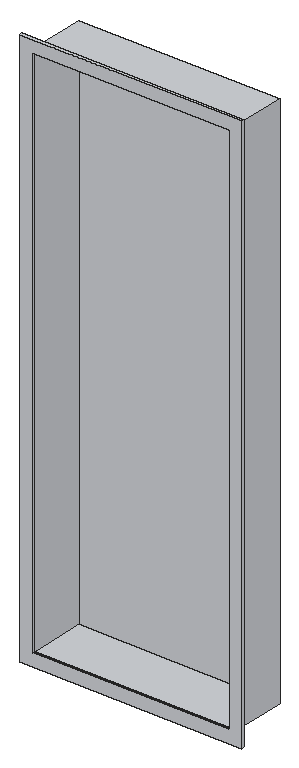
Revit family "Hager-Volta-IP30-Hollow_wall-leer-NoHosted-CH-de", category Electrical Equipment, Revit 2020
Family settings
  Panel Configuration = Two Columns, Circuits Across
  Round Connector Dimension = Use Diameter
  Part Type = Panelboard
  Work Plane-Based = Yes
  Always vertical = Yes
  Cut with Voids When Loaded = No
  Shared = No
  Room Calculation Point = No
Parameters (values of type "Unterputz  B330 H880 T94.5 12 Teilungseinheiten - VH60NK")
  Width Control [instance] = if([HG000006 - Unterputz], if([EF000846 - Einbaubreite] > min_whd, [EF000846 - Einbaubreite], min_whd), if([EF000008 - Breite] > min_whd, ([EF000008 - Breite]), min_whd))  # 314 mm
  Void Depth [instance] = if([EF000218 - Einbautiefe] > 1 mm, [EF000218 - Einbautiefe], 1 mm)  # 90 mm
  Type Comments = [HG000003 - Bereich]  # "Volta"
  System Height [instance] = Height Control - 2 * [HG000005 - Dicke]  # 840 mm
  Panel Name [instance] = ""  # (empty or 0)
  Offset [instance] = 0 mm
  Model = [HG000004 - Herstellerreferenz]  # "VH60NK"
  Level Offset [instance] = [Flush Mounted - Door Frame Width] + Offset  # 34 mm
  HG000017 - Distanz zwischen den Polen = 18 mm
  HG000016 - 3D-Türsichtbarkeit [instance] = yes
  HG000015 - Sichtbarkeit der Türöffnung [instance] = no
  HG000014 - Tür rechts [instance] = yes
  HG000013 - Tür links [instance] = not([HG000014 - Tür rechts])  # no
  HG000012 - Türschwenkwinkel [instance] = 45.00°
  HG000011 - Leere Reihen von unten = no
  HG000010 - Asymmetrische Türen = no
  HG000009 - Doppelflügeligen Tür = no
  HG000008 - Anzahl der leeren Reihen = 0
  HG000007 - Anzahl der leeren Spalten = 0
  HG000006 - Unterputz = yes
  HG000005 - Dicke = 3 mm  # constant formula
  HG000004 - Herstellerreferenz = "VH60NK"
  HG000003 - Bereich = "Volta"
  HG000002 - Mit tür = no
  HG000001 - Anzahl der Spalten = 0
  EF015941 - Signaldurchlassende Tür = no
  EF015777 - Neutralleiterklemmenblock = no
  EF015776 - Erdungsklemmenblock = no
  EF009212 - Ausführung Deckel = "EV000116 - geschlossen"
  EF006306 - Mit Schloss = no
  EF006244 - Transparenter Deckel/Tür = no
  EF005474 - Schutzart (IP) = ""
  EF004462 - Art der Schließung = ""
  EF002950 - Breite in Teilungseinheiten = 12
  EF001596 - Werkstoff des Gehäuses = "EV000139 - Kunststoff"
  EF001134 - DIN-Schiene = no
  EF001131 - Innentiefe = 92 mm
  EF001088 - Anbaumöglichkeit = yes
  EF001062 - EMV-Ausführung = yes
  EF000846 - Einbaubreite = 314 mm
  EF000339 - Art der Abdeckung = ""
  EF000332 - Einbauhöhe = 846 mm
  EF000266 - Anzahl der Reihen = 5
  EF000218 - Einbautiefe = 90 mm
  EF000118 - Mit Montageplatte = no
  EF000116 - RAL-Nummer = "9010"
  EF000049 - Tiefe = 94 mm
  EF000040 - Höhe = 880 mm
  EF000008 - Breite = 330 mm
  EF000007 - Farbe = "EV000202 - weiß"
  EF000003 - Montageart = "EV000128 - Hohlwand"
  Description = ""
  Default Elevation = 1219.2 mm
  Arrow Offset [instance] = Depth Control / 8  # 11.25 mm
  Arrow Height [instance] = Depth Control - Arrow Offset  # 78.75 mm
  Host Offset [instance] = if([HG000006 - Unterputz], 0 mm, [EF000049 - Tiefe])  # 0 mm
  min_whd [instance] = (2 * [HG000005 - Dicke]) + 1 mm  # 7 mm
  Manufacturer = "Hager"  # constant formula
  Height Control [instance] = if([HG000006 - Unterputz], if([EF000332 - Einbauhöhe] > min_whd, [EF000332 - Einbauhöhe], min_whd), if([EF000040 - Höhe] > min_whd, ([EF000040 - Höhe]), min_whd))  # 846 mm
  Flush Mounted - Door Frame Width [instance] = if(([EF000040 - Höhe] - [EF000332 - Einbauhöhe]) > 0 mm, if([HG000006 - Unterputz], [EF000040 - Höhe] - [EF000332 - Einbauhöhe], 0 mm), 0 mm)  # 34 mm
  Depth Control [instance] = if([HG000006 - Unterputz], if([EF000218 - Einbautiefe] > 0 mm, [EF000218 - Einbautiefe], 1 mm), if([EF000049 - Tiefe] > 0 mm, ([EF000049 - Tiefe]), 1 mm))  # 90 mm
Types (5, lengths in mm): name | System Height | Model | Level Offset | HG000004 - Herstellerreferenz | EF000332 - Einbauhöhe | EF000266 - Anzahl der Reihen | EF000040 - Höhe | Height Control | Flush Mounted - Door Frame Width
  Unterputz  B330 H355 T94.5 12 Teilungseinheiten - VH12NK | 340 | "VH12NK" | 9 | "VH12NK" | 346 | 1 | 355 | 346 | 9
  Unterputz  B330 H484 T94.5 12 Teilungseinheiten - VH24NK | 465 | "VH24NK" | 13 | "VH24NK" | 471 | 2 | 484 | 471 | 13
  Unterputz  B330 H609 T94.5 12 Teilungseinheiten - VH36NK | 590 | "VH36NK" | 13 | "VH36NK" | 596 | 3 | 609 | 596 | 13
  Unterputz  B330 H734 T94.5 12 Teilungseinheiten - VH48NK | 715 | "VH48NK" | 13 | "VH48NK" | 721 | 4 | 734 | 721 | 13
  Unterputz  B330 H880 T94.5 12 Teilungseinheiten - VH60NK | 840 | "VH60NK" | 34 | "VH60NK" | 846 | 5 | 880 | 846 | 34
Reference planes
  plane 1 "Center (Front/Back)": y = 0
  plane 2: z = 0
  plane 3 "Center (Left/Right)": x = 0
  plane 4: y = 37
  plane 5: y = 90
  plane 6: y = 34
  plane 7: z = 0
  plane 8: x = -157
  plane 9: x = 157
  plane 10: x = 154
  plane 11: x = -154
  plane 12: z = 34
  plane 13: z = 37
  plane 14: y = 5
  plane 15: y = 0
  plane 16: y = 87
  plane 17: z = 877
  plane 18: z = 880
  plane 19: z = 457
  plane 20: x = 0
  plane 21: y = -100
Forms (mm)
  Extrusion 1, solid
    sketch origin (-208.679, -4572, 34) x (-1, 0, 0) y (0, -1, 0)
      loop
        line (-51.679, -4572) -> (-365.679, -4572) -> (-365.679, -4662) -> (-51.679, -4662) -> (-51.679, -4572)
    from 0 to 846 <- "Height Control"
  Extrusion 2, void
    sketch origin (-350.771, 0, 1219.2) x (1, 0, 0) y (0, 0, 1)
      loop
        line (196.771, -342.2) -> (196.771, -1182.2) -> (504.771, -1182.2) -> (504.771, -342.2) -> (196.771, -342.2)
    from 0 to -87
  Extrusion 3, solid, detail levels coarse+medium
    sketch origin (-350.771, 0, 1219.2) x (-1, 0, 0) y (0, 0, 1)
      loop
        line (-196.771, -342.2) -> (-504.771, -342.2) -> (-504.771, -1182.2) -> (-196.771, -1182.2) -> (-196.771, -342.2)
    from 0 to 3 <- "HG000005 - Dicke"
Cuts and joins
  Extrusion 2 cuts Extrusion 1
Dimensions and locks
  "Flush Mounted - Door Frame Width": plane 1 "Center (Front/Back)" to plane 6
  "HG000005 - Dicke": plane 4 to plane 6
  "HG000005 - Dicke": plane 8 to plane 11
  "HG000005 - Dicke": plane 9 to plane 10
  equal spacing: plane 8, plane 3 "Center (Left/Right)", plane 9
  "Width Control": plane 8 to plane 9
  locked: plane 14 to plane 15 at 5
  "Host Offset": plane 1 "Center (Front/Back)" to plane 15
  "Depth Control": plane 5 to plane 15
  "HG000005 - Dicke": plane 5 to plane 16
  "HG000005 - Dicke": plane 13 to plane 12
  "Level Offset": plane 12 to level
  "HG000005 - Dicke": plane 18 to plane 17
  "Height Control": plane 18 to plane 12
  "Arrow Offset": plane 5 to nested 4
  equal spacing: plane 18, plane 19, plane 12
  locked: connector elem to plane 19
  locked: connector elem to plane 3 "Center (Left/Right)"
  aligned and locked: nested 1 to plane 14
  aligned and locked: plane 3 "Center (Left/Right)" to nested 1
  aligned and locked: plane 3 "Center (Left/Right)" to nested 2
  aligned and locked: nested 2 to plane 15
  aligned and locked: plane 5 to Extrusion 1
  aligned and locked: Extrusion 3 sketch curve to plane 17
  aligned and locked: Extrusion 3 sketch curve to plane 11
  aligned and locked: plane 13 to Extrusion 3 sketch curve
  aligned and locked: Extrusion 3 sketch curve to plane 10
  aligned and locked: plane 13 to Extrusion 2 sketch curve
  aligned and locked: Extrusion 2 sketch curve to plane 10
  aligned and locked: Extrusion 2 sketch curve to plane 17
  aligned and locked: Extrusion 2 sketch curve to plane 11
  aligned and locked: plane 16 to Extrusion 2
  aligned and locked: plane 5 to Extrusion 1 sketch curve
  aligned and locked: plane 9 to Extrusion 1 sketch curve
  aligned and locked: plane 8 to Extrusion 1 sketch curve
  aligned and locked: plane 8 to nested 4
  aligned and locked: plane 8 to nested 3
  aligned and locked: nested 3 to plane 5
  aligned and locked: Extrusion 1 sketch curve to plane 15
  aligned and locked: Extrusion 2 to plane 15
Nested families
  nested 1: "Hager_Enclosure_System" at (0, 5, 37), Flush_Mounted <- "HG000006 - Unterputz", Width <- "EF000008 - Breite", Height <- "System Height", Width_Control <- "Width Control", Row_Module_Multiplicator <- "EF002950 - Breite in Teilungseinheiten", Empty_Columns <- "HG000007 - Anzahl der leeren Spalten", Built-in_Width <- "EF000846 - Einbaubreite", Border <- "HG000005 - Dicke", Total_No_Empty_Rows <- "HG000008 - Anzahl der leeren Reihen", Depth <- "HG000005 - Dicke", Empty_Rows_From_Bottom <- "HG000011 - Leere Reihen von unten", Distance_Between_Poles <- "HG000017 - Distanz zwischen den Polen", Rows_Count <- "EF000266 - Anzahl der Reihen", Columns_Count <- "HG000001 - Anzahl der Spalten", type "Hager_Enclosure_System", detail levels medium+fine
    with Width_Control 314 mm, Width 330 mm, Total_No_Rows 5, Total_No_Empty_Rows 0, Total_No_Columns 1, System_Width 308 mm, Rows_Count 5, Rows_Column 5, Row_Module_Multiplicator 12, Panel_4 no, Panel_3 no, Panel_2 no, Panel_1 no, No_Panels_Ctrl 1, Hide_Columns yes, Height 840 mm, Flush_Mounted yes, Empty_Rows_From_Bottom no, Empty_Rows_Column 0, Empty_Columns 0, Distance_Between_Poles 18 mm, Depth 3 mm, Columns_Count 0, Column_Width 308 mm, Built-in_Width 314 mm, Border 3 mm
  nested 2: "Hager_Enclosure_Door" at (0, 0, 34), Double <- "HG000009 - Doppelflügeligen Tür", Height_Ctrl <- "Height Control", Transparent <- "EF006244 - Transparenter Deckel/Tür", Depth <- "EF000049 - Tiefe", Height <- "EF000040 - Höhe", Angle <- "HG000012 - Türschwenkwinkel", Door_Right <- "HG000014 - Tür rechts", Assymetrical <- "HG000010 - Asymmetrische Türen", Flush_Mounted <- "HG000006 - Unterputz", BuiltIn_Depth <- "EF000218 - Einbautiefe", BuiltIn_Width <- "EF000846 - Einbaubreite", Door <- "HG000002 - Mit tür", Width_Ctrl <- "Width Control", 3d_Door <- "HG000016 - 3D-Türsichtbarkeit", Width <- "EF000008 - Breite", Border <- "HG000005 - Dicke", BuiltIn_Height <- "EF000332 - Einbauhöhe", Clearance <- "HG000015 - Sichtbarkeit der Türöffnung", Door_Left <- "HG000013 - Tür links", type "Hager_Enclosure_Door", detail levels medium+fine
    with min_wh 7 mm, Width_Ctrl 314 mm, Width 330 mm, Transparent_Door_No_Bottom_Border no, Transparent no, Leaf_Width 305 mm, Leaf_Tolerance 1.5 mm, Leaf_Height 837 mm, Leaf_2_Width 305 mm, Leaf_2_Offset 152.5 mm, Leaf_1_Width 305 mm, Leaf_1_Offset 152.5 mm, Height_Ctrl 846 mm, Height 880 mm, Frame_Width_Ctrl 16 mm, Frame_Width 16 mm, Frame_Internal_Offset 3 mm, Frame_Height_Ctrl 34 mm, Frame_Height 34 mm, Frame_Depth_Ctrl 4 mm, Frame_Depth 4 mm, Flush_Mounted yes, Double_Clearance_Ctrl no, Double no, Door_Right_Ctrl no, Door_Right yes, Door_Left_Ctrl no, Door_Left no, Door no, Depth 94 mm, Clearance_Depth 305 mm, Clearance_Ctrl no, Clearance no, BuiltIn_Width 314 mm, BuiltIn_Height 846 mm, BuiltIn_Depth 90 mm, Border 3 mm, Assymetrical no, Angle 45.00°, 3d_Door yes
  nested 3: "Hager_Enclosure_Symbol_Triangle" at (-157, 90, 0), Depth <- "Depth Control", Width <- "Width Control", type "Hager_Enclosure_Symbol_Triangle"
    with Width_Ctrl 314 mm, Width 314 mm, Depth_Ctrl 90 mm, Depth 90 mm
  nested 4: "Hager_Enclosure_Symbol_Arrow" at (-157, 78.75, 0), Height <- "Arrow Height", type "Hager_Enclosure_Symbol_Arrow"
    with Width_Inside 5.906 mm, Width 70.875 mm, Height_Ctrl 78.75 mm, Height 78.75 mm
Connectors
  electrical at (0, 90, 457)
    settings: on plane 5, index 1, voltage 0 V, apparent load 0 VA, apparent load phase1 0 VA, apparent load phase2 0 VA, apparent load phase3 0 VA, power factor 1, load classification "Other", number of poles 1, system type 30, power factor state 1, is connector primary yes, connector utility no, sub classification motor no, connector description ""
Definition of nested family "Hager_Enclosure_Door"
  Parameters (values of type "Hager_Enclosure_Door")
    min_wh [instance] = (2 * Border) + 1 mm  # 11 mm
    Width_Ctrl [instance] = 400 mm
    Width [instance] = 500 mm
    Transparent_Door_No_Bottom_Border [instance] = no
    Transparent [instance] = yes
    Leaf_Width [instance] = if((Width_Ctrl - 2 * Border - 2 * Leaf_Tolerance) > 0 mm, (Width_Ctrl - 2 * Border - 2 * Leaf_Tolerance), min_wh)  # 387 mm
    Leaf_Tolerance [instance] = 1.5 mm  # constant formula
    Leaf_Height [instance] = if((Height_Ctrl - 2 * Border - 2 * Leaf_Tolerance) > 0 mm, (Height_Ctrl - 2 * Border - 2 * Leaf_Tolerance), min_wh)  # 387 mm
    Leaf_2_Width [instance] = if(and(and(Double, Assymetrical), Door_Left), (Leaf_Width / 3) - (Leaf_Tolerance / 2), if(and(and(Double, Assymetrical), Door_Right), (Leaf_Width / 3) * 2 - (Leaf_Tolerance / 2), if(and(Double, not(Assymetrical)), (Leaf_Width / 2) - Leaf_Tolerance, Leaf_Width)))  # 387 mm
    Leaf_2_Offset [instance] = if(and(Double, Assymetrical), Leaf_2_Width / 2, if(and(Double, not(Assymetrical)), Leaf_Width / 4, Leaf_Width / 2))  # 193.5 mm
    Leaf_1_Width [instance] = if(and(and(Double, Assymetrical), Door_Right), (Leaf_Width / 3) - (Leaf_Tolerance / 2), if(and(and(Double, Assymetrical), Door_Left), (Width / 3) * 2 - (Leaf_Tolerance / 2), if(and(Double, not(Assymetrical)), (Leaf_Width / 2) - Leaf_Tolerance, Leaf_Width)))  # 387 mm
    Leaf_1_Offset [instance] = if(and(Double, Assymetrical), Leaf_1_Width / 2, if(and(Double, not(Assymetrical)), Leaf_Width / 4, Leaf_Width / 2))  # 193.5 mm
    Height_Ctrl [instance] = 400 mm
    Height [instance] = 500 mm
    Frame_Width_Ctrl [instance] = if(Frame_Width > 0 mm, Frame_Width, 1 mm)  # 1 mm
    Frame_Width [instance] = Width - BuiltIn_Width  # 0 mm
    Frame_Internal_Offset [instance] = if(Flush_Mounted, Border, 0 mm)  # 5 mm
    Frame_Height_Ctrl [instance] = if(Frame_Height > 0 mm, Frame_Height, 1 mm)  # 1 mm
    Frame_Height [instance] = Height - BuiltIn_Height  # 0 mm
    Frame_Depth_Ctrl [instance] = if(Frame_Depth > 0 mm, Frame_Depth, 1 mm)  # 1 mm
    Frame_Depth [instance] = if(Depth - BuiltIn_Depth > 0 mm, if(Flush_Mounted, Depth - BuiltIn_Depth, 0 mm), 0 mm)  # 0 mm
    Flush_Mounted [instance] = yes
    Double_Clearance_Ctrl [instance] = and(Double, Clearance)  # no
    Double [instance] = no
    Door_Right_Ctrl [instance] = and(or(Door_Right, Double), Door)  # yes
    Door_Right [instance] = yes
    Door_Left_Ctrl [instance] = and(or(Door_Left, Double), Door)  # no
    Door_Left [instance] = no
    Door [instance] = yes
    Depth [instance] = 500 mm
    Default Elevation = 1219.2 mm
    Clearance_Material = none
    Clearance_Depth [instance] = if(Leaf_1_Width > Leaf_2_Width, Leaf_1_Width, Leaf_2_Width)  # 387 mm
    Clearance_Ctrl [instance] = and(not(Double), Clearance)  # yes
    Clearance [instance] = yes
    BuiltIn_Width [instance] = 500 mm
    BuiltIn_Height [instance] = 500 mm
    BuiltIn_Depth [instance] = 500 mm
    Border [instance] = 5 mm
    Assymetrical [instance] = yes
    Angle [instance] = 30.00°
    3d_Door [instance] = yes
  Reference planes
    plane 1 "Center (Front/Back)": y = 0
    plane 2 "Bottom": z = 0
    plane 3 "Center (Left/Right)": x = 0
    plane 4: z = 400
    plane 5: x = -200
    plane 6: x = 200
    plane 7: z = 395
    plane 8: x = -195
    plane 9: z = 5
    plane 10: x = 195
    plane 11: y = 0
    plane 12: z = 6.5
    plane 13: x = -582
    plane 14: y = -387
    plane 15: x = 582
    plane 16: x = 0
    plane 17: x = 0
    plane 18: x = -193.5
    plane 19: x = 193.5
    plane 20: z = 393.5
  Forms (mm)
    Extrusion 1, solid, visible <- "Flush_Mounted"
      sketch origin (0, 0, 0) x (1, 0, 0) y (0, 0, 1)
        loop
          line (195, 5) -> (195, 395) -> (-195, 395) -> (-195, 5) -> (195, 5)
        loop
          line (-201, 401) -> (-201, -1) -> (201, -1) -> (201, 401) -> (-201, 401)
      from 0 to 1 <- "Frame_Depth_Ctrl"
    Extrusion 2, solid, material <- "Clearance_Material", visible <- "Double_Clearance_Ctrl"
      sketch origin (1200, 0, 0) x (1, 0, 0) y (0, 0, -1)
        loop
          line (-1782, -393.5) -> (-618, -393.5) -> (-618, 0) -> (-1782, 0) -> (-1782, -393.5)
      from 0 to -387
  Dimensions and locks
    equal spacing: plane 5, plane 3 "Center (Left/Right)", plane 6
    "Width_Ctrl": plane 5 to plane 6
    "Border": plane 5 to plane 8
    "Border": plane 6 to plane 10
    "Border": plane 9 to level
    "Border": plane 4 to plane 7
    "Height_Ctrl": plane 4 to level
    "Leaf_Tolerance": plane 12 to plane 9
    "Frame_Depth": plane 11 to plane 1 "Center (Front/Back)"
    "Frame_Width_Ctrl": plane 5 to Extrusion 1 sketch curve
    "Frame_Width_Ctrl": plane 6 to Extrusion 1 sketch curve
    "Frame_Width_Ctrl": Extrusion 1 sketch curve to plane 4
    "Frame_Width_Ctrl": plane 2 "Bottom" to Extrusion 1 sketch curve
    "Leaf_1_Offset": plane 18 to plane 16
    "Leaf_2_Offset": plane 17 to plane 19
    "Leaf_1_Width": plane 13 to plane 8
    "Leaf_2_Width": plane 10 to plane 15
    "Clearance_Depth": plane 14 to plane 1 "Center (Front/Back)"
    "Leaf_Tolerance": plane 8 to plane 18
    "Leaf_Tolerance": plane 19 to plane 10
    "Leaf_Tolerance": plane 7 to plane 20
    "Frame_Internal_Offset": plane 5 to Extrusion 1 sketch curve
    "Frame_Internal_Offset": Extrusion 1 sketch curve to plane 2 "Bottom"
    "Frame_Internal_Offset": plane 6 to Extrusion 1 sketch curve
    "Frame_Internal_Offset": plane 4 to Extrusion 1 sketch curve
    aligned and locked: level to plane 2 "Bottom"
    aligned and locked: nested 1 to plane 16
    aligned and locked: nested 2 to plane 17
    aligned and locked: Extrusion 2 to plane 13
    aligned and locked: plane 15 to Extrusion 2
    aligned and locked: Extrusion 2 to plane 14
    aligned and locked: plane 12 to nested 1
    aligned and locked: nested 2 to plane 12
    aligned and locked: Extrusion 2 to plane 11
    aligned and locked: plane 20 to Extrusion 2
    aligned and locked: nested 2 to plane 11
    aligned and locked: nested 1 to plane 11
  Automatic sketch dimensions
    Extrusion 2 sketch curve to level = 0 mm
    plane 5 to Extrusion 2 sketch curve = 382 mm
    plane 6 to Extrusion 2 sketch curve = 382 mm
    Extrusion 2 sketch curve to plane 4 = 6.5 mm
  Nested families
    nested 1: "Hager_Enclosure_Door_Leaf" at (0, 0, 6.5), Width <- "Leaf_1_Width", visible <- "Door_Left_Ctrl", Leaf_Height <- "Leaf_Height", Angle <- "Angle", Depth <- "Border", 3d_Door <- "3d_Door", Transparent <- "Transparent", Clearance Material <- "Clearance_Material", Clearance <- "Clearance_Ctrl", Transparent_Door_No_Bottom_Border <- "Transparent_Door_No_Bottom_Border", type "Hager_Enclosure_Door_Leaf"
      with Width 387 mm, Transparent_Door_No_Bottom_Border no, Transparent_Door_Border_Bottom_Top 25 mm, Transparent_Door_Border 25 mm, Transparent_Ctrl yes, Transparent yes, Standard no, Leaf_Height 387 mm, Glass_Offset 1 mm, Depth 5 mm, Clearance Material none, Clearance yes, Angle_Ctrl 30.00°, Angle 30.00°, 3d_Door yes
    nested 2: "Hager_Enclosure_Door_Leaf" at (0, 0, 6.5) x (-1, 0, 0) z (0, 0, 1), Width <- "Leaf_2_Width", visible <- "Door_Right_Ctrl", Leaf_Height <- "Leaf_Height", Angle <- "Angle", Depth <- "Border", 3d_Door <- "3d_Door", Transparent <- "Transparent", Clearance Material <- "Clearance_Material", Clearance <- "Clearance_Ctrl", Transparent_Door_No_Bottom_Border <- "Transparent_Door_No_Bottom_Border", type "Hager_Enclosure_Door_Leaf"
      with Width 387 mm, Transparent_Door_No_Bottom_Border no, Transparent_Door_Border_Bottom_Top 25 mm, Transparent_Door_Border 25 mm, Transparent_Ctrl yes, Transparent yes, Standard no, Leaf_Height 387 mm, Glass_Offset 1 mm, Depth 5 mm, Clearance Material none, Clearance yes, Angle_Ctrl 30.00°, Angle 30.00°, 3d_Door yes
  Definition of nested family "Hager_Enclosure_Door_Leaf"
    Parameters (values of type "Hager_Enclosure_Door_Leaf")
      Width [instance] = 2000 mm
      Transparent_Door_No_Bottom_Border [instance] = yes
      Transparent_Door_Border_Bottom_Top [instance] = if(Transparent_Door_No_Bottom_Border, 0.1 mm, Transparent_Door_Border)  # 0.1 mm
      Transparent_Door_Border [instance] = if(Transparent_Door_No_Bottom_Border, (Width * 0.12), 25 mm)  # 240 mm
      Transparent_Ctrl [instance] = and(Transparent, [3d_Door])  # yes
      Transparent [instance] = yes
      Standard [instance] = and(not(Transparent), [3d_Door])  # no
      Leaf_Height [instance] = 2720.336 mm
      Glass_Offset [instance] = if((Depth - 10 mm) / 2 > 0 mm, (Depth - 10 mm) / 2, 1 mm)  # 15 mm
      Glass_Material = none
      Depth [instance] = 40 mm
      Default Elevation = 0 mm
      Clearance Material [instance] = none
      Clearance [instance] = yes
      Angle_Ctrl [instance] = if(Angle > 170.00°, 170.00°, Angle)  # 45.00°
      Angle [instance] = 45.00°
      3d_Door [instance] = yes
    Reference planes
      plane 1 "Center (Front/Back)": y = 0
      plane 2: z = 0
      plane 3 "Center (Left/Right)": x = 0
      plane 4: y = 2000
      plane 5: x = -1000
      plane 6: x = 1000
      plane 7: x = -3000
      plane 8: z = 2720.336
      plane 9: z = 0.1
      plane 10: z = 2720.236
      plane 11: x = 760
      plane 12: x = -760
    Forms (mm)
      Extrusion 1, solid, material <- "Clearance Material", visible <- "Clearance"
        sketch origin (0, 0, 0) x (1, 0, 0) y (0, 0, 1)
          loop
            line (-3000, 2720.336) -> (-3000, 0) -> (1000, 0) -> (1000, 2720.336) -> (-3000, 2720.336)
        from 0 to -2000
      Extrusion 2, solid, visible <- "Standard", detail levels medium+fine
        sketch origin (-1000, 0, 0) x (0.707107, 0.707107, 0) y (-0.707107, 0.707107, 0)
          loop
            line (0, -40) -> (2000, -40) -> (2000, 0) -> (0, 0) -> (0, -40)
        from 0 to 2720.336 <- "Leaf_Height"
      Extrusion 3, solid, visible <- "Transparent_Ctrl", detail levels medium+fine
        sketch origin (-1000, 0, 0) x (0.707107, 0.707107, 0) y (-0.707107, 0.707107, 0)
          loop
            line (0, -40) -> (2000, -40) -> (2000, 0) -> (0, 0) -> (0, -40)
        from 0 to 2720.336 <- "Leaf_Height"
      Extrusion 4, void, detail levels medium+fine
        sketch origin (-1000, 0, 0) x (-0.707107, 0.707107, 0) y (0.707107, 0.707107, 0)
          loop
            line (0, 240) -> (0, 1760) -> (-40, 1760) -> (-40, 240) -> (0, 240)
        from -2720.236 to -0.1
      Extrusion 5, solid, material <- "Glass_Material", visible <- "Transparent_Ctrl", detail levels medium+fine
        sketch origin (-1000, 0, 0) x (0.707107, 0.707107, 0) y (-0.707107, 0.707107, 0)
          loop
            line (240, -15) -> (240, -25) -> (1760, -25) -> (1760, -15) -> (240, -15)
        from 0.1 to 2720.236
    Cuts and joins
      Extrusion 4 cuts Extrusion 3
    Lines and regions (mm)
      symbolic lines
        curve 1: line (1000, 0, 0) -> (-3000, 0, 0)
        curve 2: arc (1000, 0, 0) -> (-1000, 2000, 0) -> (-3000, 0, 0) r 2000
        curve 4: line (-1000, 0, 0) -> (414.214, 1414.214, 0)
      reference lines
        curve 3: line (-1000, 0, 0) -> (414.214, 1414.214, 0)
      symbolic lines, detail levels medium+fine
        curve 5: line (414.214, 1414.214, 0) -> (442.498, 1385.929, 0)
        curve 6: line (442.498, 1385.929, 0) -> (-971.716, -28.284, 0)
        curve 7: line (-971.716, -28.284, 0) -> (-1000, 0, 0)
        curve 8: line (-1000, 0, 2720.336) -> (1000, 0, 2720.336)
        curve 9: line (-1000, 0, 0) -> (-1000, 0, 2720.336)
        curve 10: line (1000, 0, 0) -> (-1000, 0, 0)
        curve 11: line (1000, 0, 2720.336) -> (1000, 0, 0)
      symbolic lines, visible <- "Transparent_Ctrl", detail levels medium+fine
        curve 12: line (-760, 0, 2720.236) -> (760, 0, 2720.236)
        curve 13: line (-760, 0, 0.1) -> (-760, 0, 2720.236)
        curve 14: line (760, 0, 0.1) -> (-760, 0, 0.1)
        curve 15: line (760, 0, 2720.236) -> (760, 0, 0.1)
    Dimensions and locks
      "Width": plane 1 "Center (Front/Back)" to plane 4
      equal spacing: plane 5, plane 3 "Center (Left/Right)", plane 6
      "Width": plane 5 to plane 6
      "Width": plane 7 to plane 5
      "Leaf_Height": plane 8 to level
      "Depth": curve 6 to curve 3
      "Width": curve 5 to curve 3
      "Width": curve 3 to curve 3
      "Transparent_Door_Border": Extrusion 4 sketch curve to curve 7
      "Transparent_Door_Border": Extrusion 4 sketch curve to curve 5
      "Transparent_Door_Border_Bottom_Top": plane 8 to plane 10
      "Transparent_Door_Border_Bottom_Top": plane 9 to level
      "Glass_Offset": Extrusion 5 sketch curve to curve 4
      "Glass_Offset": Extrusion 5 sketch curve to curve 6
      "Transparent_Door_Border": Extrusion 5 sketch curve to curve 5
      "Transparent_Door_Border": Extrusion 5 sketch curve to curve 7
      "Transparent_Door_Border": plane 12 to plane 5
      "Transparent_Door_Border": plane 6 to plane 11
      "Angle_Ctrl": angle plane 1 "Center (Front/Back)" to curve 3
      aligned and locked: level to plane 2
      aligned and locked: Extrusion 1 to curve 1
      aligned and locked: plane 6 to Extrusion 1
      aligned and locked: Extrusion 1 to plane 1 "Center (Front/Back)"
      aligned and locked: plane 4 to Extrusion 1
      aligned and locked: plane 8 to Extrusion 1
      aligned and locked: curve 4 to curve 3
      aligned and locked: Extrusion 2 sketch curve to curve 7
      aligned and locked: Extrusion 2 sketch curve to curve 6
      aligned and locked: Extrusion 2 sketch curve to curve 5
      aligned and locked: Extrusion 2 sketch curve to curve 3
      aligned and locked: curve 7 to Extrusion 3 sketch curve
      aligned and locked: Extrusion 3 sketch curve to curve 4
      aligned and locked: Extrusion 3 sketch curve to curve 6
      aligned and locked: Extrusion 3 sketch curve to curve 5
      aligned and locked: curve 4 to Extrusion 4 sketch curve
      aligned and locked: curve 6 to Extrusion 4 sketch curve
      aligned and locked: Extrusion 4 to plane 9
      aligned and locked: Extrusion 4 to plane 10
      aligned and locked: Extrusion 5 to plane 9
      aligned and locked: Extrusion 5 to plane 10
      aligned and locked: curve 8 to plane 8
      aligned and locked: plane 5 to curve 9
      aligned and locked: plane 2 to curve 10
      aligned and locked: curve 11 to plane 6
      aligned and locked: plane 10 to curve 12
      aligned and locked: plane 12 to curve 13
      aligned and locked: curve 14 to plane 9
      aligned and locked: plane 11 to curve 15
    Automatic sketch dimensions
      plane 1 "Center (Front/Back)" to curve 2 = 0 mm
      curve 2 to plane 5 = 0 mm
      Extrusion 1 sketch curve to level = 0 mm
      Extrusion 1 sketch curve to plane 7 = 0 mm
      Extrusion 1 sketch curve to plane 6 = 0 mm
      Extrusion 1 sketch curve to plane 8 = 0 mm
      plane 1 "Center (Front/Back)" to curve 3 = 0 mm
      curve 3 to plane 5 = 0 mm
      curve 7 to curve 3 = 0 mm
Definition of nested family "Hager_Enclosure_Symbol_Triangle"
  Parameters (values of type "Hager_Enclosure_Symbol_Triangle")
    Width_Ctrl [instance] = if(Width > 1 mm, Width, 1 mm)  # 498 mm
    Width [instance] = 498 mm
    Depth_Ctrl [instance] = if(Depth > 1 mm, Depth, 1 mm)  # 72 mm
    Depth [instance] = 72 mm
  Reference planes
    plane 1 "Centre (avant/arrière)": y = 0
    plane 2: z = 0
    plane 3 "Centre (gauche/droite)": x = 0
  Lines and regions (mm)
    Filled region 1, type "Solid_Black", in view "Niveau de réf."
      outline origin (0, 0, 0) x (1, 0, 0) y (0, 1, 0)
        loop
          line (0, 0) -> (498, 0) -> (498, 72) -> (0, 0)
    reference lines, in view "Niveau de réf."
      curve 1: line (-206.153, 72, 0) -> (1083.258, 72, 0)
      curve 2: line (498, 405.456, 0) -> (498, -517.619, 0)
  Dimensions and locks
    "Depth_Ctrl": plane 1 "Centre (avant/arrière)" to curve 1
    "Width_Ctrl": plane 3 "Centre (gauche/droite)" to curve 2
    aligned and locked: curve 1 to Filled region 1 sketch curve
    aligned and locked: Filled region 1 sketch curve to plane 1 "Centre (avant/arrière)"
    aligned and locked: curve 2 to Filled region 1 sketch curve
    aligned and locked: plane 3 "Centre (gauche/droite)" to Filled region 1 sketch curve
    aligned and locked: plane 1 "Centre (avant/arrière)" to Filled region 1 sketch curve
  Automatic sketch dimensions
    curve 1 to plane 3 "Centre (gauche/droite)" = 206.153 mm
    curve 2 to curve 1 = 585.258 mm
    plane 1 "Centre (avant/arrière)" to curve 2 = 517.619 mm
    curve 2 to plane 1 "Centre (avant/arrière)" = 405.456 mm
Definition of nested family "Hager_Enclosure_Symbol_Arrow"
  Parameters (values of type "Hager_Enclosure_Symbol_Arrow")
    Width_Inside [instance] = if(Width / 12 > 2 mm, Width / 12, 2 mm)  # 4.987 mm
    Width [instance] = if(Height_Ctrl * 0.9 > 2 mm, Height_Ctrl * 0.9, 2 mm)  # 59.85 mm
    Height_Ctrl [instance] = if(Height > 2 mm, Height, 2 mm)  # 66.5 mm
    Height [instance] = 66.5 mm
  Reference planes
    plane 1 "Centre (avant/arrière)": y = 0
    plane 2: z = 0
    plane 3 "Centre (gauche/droite)": x = 0
    plane 4: x = 59.85
    plane 5: y = 28.263
    plane 6: y = 38.238
    plane 7: y = 66.5
    plane 8: x = 29.925
    plane 9: y = 33.25
  Lines and regions (mm)
    Filled region 1, type "Solid_Black", in view "Niveau de réf."
      outline origin (0, 0, 0) x (1, 0, 0) y (0, 1, 0)
        loop
          line (59.85, 66.5) -> (37.929, 52.827) -> (51.846, 41.935) -> (59.85, 66.5)
    detail lines, in view "Niveau de réf."
      curve 1: line (0, 0, 0) -> (29.925, 38.238, 0)
      curve 2: line (29.925, 38.238, 0) -> (29.925, 28.263, 0)
      curve 3: line (29.925, 28.263, 0) -> (59.85, 66.5, 0)
  Dimensions and locks
    "Width": plane 3 "Centre (gauche/droite)" to plane 4
    "Height_Ctrl": plane 7 to plane 1 "Centre (avant/arrière)"
    equal spacing: plane 3 "Centre (gauche/droite)", plane 8, plane 4
    equal spacing: plane 7, plane 9, plane 1 "Centre (avant/arrière)"
    equal spacing: plane 6, plane 9, plane 5
    "Width_Inside": plane 6 to plane 9
    equal spacing: curve 3, Filled region 1 sketch curve, Filled region 1 sketch curve
    angle Filled region 1 sketch curve to curve 3 = 20.00°
    angle curve 3 to Filled region 1 sketch curve = 20.00°
    locked: curve 3 to Filled region 1 sketch curve (angle 90.00°)
  Automatic sketch dimensions
    plane 1 "Centre (avant/arrière)" to curve 1 = 0 mm
    curve 1 to plane 3 "Centre (gauche/droite)" = 0 mm
    curve 2 to plane 6 = 0 mm
    curve 3 to plane 8 = 0 mm
    curve 3 to plane 4 = 0 mm
    curve 2 to plane 5 = 0 mm
    curve 3 to plane 7 = 0 mm
    Filled region 1 sketch curve to plane 4 = 0 mm
    Filled region 1 sketch curve to plane 7 = 0 mm
